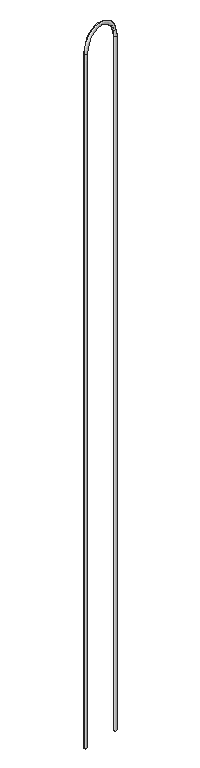
Revit family
Parameters (values of type "Vertical Hair Pin Top Bars")
  built-in parameter 1008623 [instance] = (empty or 0)
  built-in parameter 1008625 [instance] = (empty or 0)
  Material Post = Metal - Steel
  Post = yes
  Manufacturer = ""
  Description = ""
  built-in parameter 1008624 [instance] = (empty or 0)
  built-in parameter 1008622 [instance] = 1400 mm
  Assembly Code = ""
Reference planes
  plane 1 "Center (Front/Back)": y = 0
  plane 2: z = 0
  plane 3 "Center (Left/Right)": x = 0
  plane 4 "Top of Post": z = 1400
  plane 5: y = 40
  plane 6: y = -40
Forms (mm)
  Sweep 1, solid, material "Metal - Steel" <- "Material Post"
    path origin (0, 0, 0) x (0, 1, 0) y (0, 0, 1)
      loop
        line (-40, 0) -> (-40, 1360)
        arc (-40, 1360) -> (0, 1400) -> (40, 1360) r 40
        line (40, 1360) -> (40, 0)
    profile origin (0, 0, 680) x (0, -1, 0) y (1, 0, 0)
      loop
        circle (40, 0) r 2.734
Dimensions and locks
  "built-in parameter 1008622": plane 4 "Top of Post" to level
  equal spacing: plane 6, plane 1 "Center (Front/Back)", plane 5
  locked: plane 6 to plane 5 at 80
Automatic sketch dimensions
  Sweep 1 sketch curve to plane 6 = 0 mm
  Sweep 1 sketch curve to plane 1 "Center (Front/Back)" = 0 mm
  Sweep 1 sketch curve to level = 0 mm  (x2)
  plane 4 "Top of Post" to Sweep 1 sketch curve = 40 mm
  Sweep 1 sketch curve to plane 3 "Center (Left/Right)" = 0 mm
  Sweep 1 sketch curve to profile plane = 0 mm
  radius of Sweep 1 sketch curve = 2.734 mm
